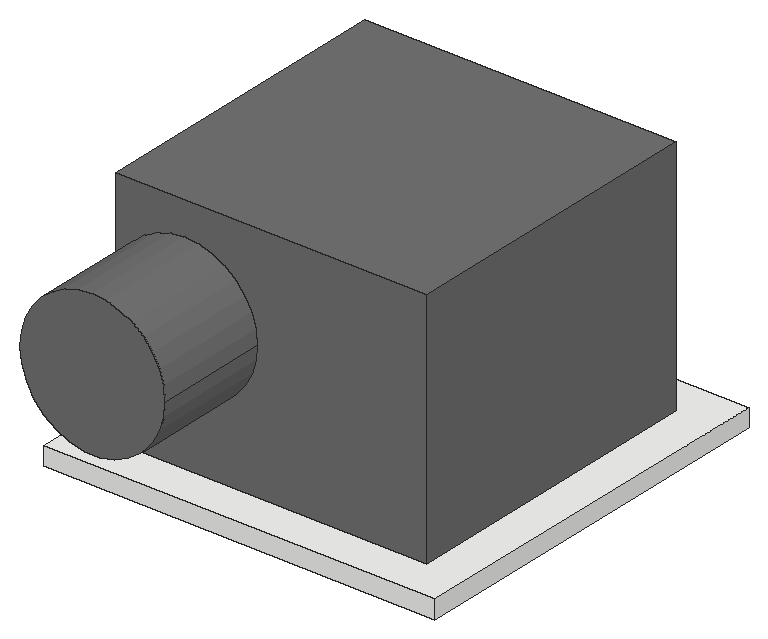
Revit family "vd-07_20z(k)(p)(s)c14(-c)_60Hz", category 機械設備, Revit 2019
Family settings
  丸型コネクタ寸法 = 直径を使用
  パーツ タイプ = 標準
  OmniClass 番号 = 23.75.35.17.27
  OmniClass タイトル = Centrifugal Fans
  作業面ベース = いいえ
  常に垂直 = はい
  ロード時にボイドで切り取り = いいえ
  共有 = いいえ
  部屋計算ポイント = はい
Parameters (values of type "VD-20ZKC14")
  騒音レベル(dB(A)) [instance] = 36.5
  風量 [instance] = 420.0 m³/h
  電源種別 [instance] = ""
  電圧 = 100 V
  電動機出力 = 0 W
  電動機_種別 [instance] = ""
  運転質量 = 0.00 kg
  連動 [instance] = ""
  質量 = if(製品質量 > 運転質量, 製品質量, 運転質量) * 1.2  # 4.32 kg
  負荷分類 = 3_ファン類
  説明 = "ダクト用換気扇 低騒音形"
  設計風量 [instance] = 0.0 m³/h
  設置方法 = "天埋"
  記号 [instance] = ""
  製造元 = "三菱電機株式会社"
  製品質量 = 3.60 kg
  製品出荷対象 = "国内"
  製品リリース年月 = "2024年6月3日"
  製品グループ = ""
  系統 [instance] = ""
  符号 [instance] = if(☑給気／□排気, "FS", "FE")  # "FE"
  積算_科目 = "2 換気設備"
  積算_拾い区分 [instance] = ""
  相 = 1
  盤記号 [instance] = ""
  発停方法 [instance] = ""
  特殊仕様 [instance] = ""
  火災停止 [instance] = ""
  消費電力 = 49 W
  法定耐用年数 = "15"
  機外静圧 [instance] = 0.0 Pa
  極数 = 2
  材質 [instance] = ""
  操作・制御方式 = ""
  操作・制御スイッチ = ""
  排気量 [instance] = if(☑給気／□排気, 0.0 m³/h, 設計風量)  # 0.0 m³/h
  形式 = "天井埋込ダクト形"
  幹線記号 [instance] = ""
  対象室 [instance] = ""
  実風量 [instance] = 0.0 m³/h
  始動方式 [instance] = "直入"
  外気量 [instance] = if(☑給気／□排気, 設計風量, 0.0 m³/h)  # 0.0 m³/h
  呼称 = "天井扇"
  周波数 = 60 Hz
  参照している仕様書等のバージョン = ""
  分類コード = "50052503100030"
  分類グループ = ""
  価格 = 52800
  企業コード = "108420"
  付属品_防振装置 = ""
  付属品 [instance] = ""
  仕様書バージョン = "Version1.0"
  モデル = "VD-20ZKC14"
  マテリアル = 合成樹脂(黒)
  ファンの種類 = ""
  ダクト径 = 150 mm
  コメント [instance] = ""
  Keynote = ""
  カバーマテリアル = 合成樹脂(白)
  ☑給気／□排気 [instance] = no
  Width = 310 mm
  W1 = 390 mm
  Version = ""
  Uniclass2015Version = "Systems v1.9"
  Uniclass2015Title = "Centrifugal fans"
  Uniclass2015Code = "Pr_65_67_29_12"
  URL = "https://www.mitsubishielectric.co.jp/ldg/wink/qr/002/333517/"
  SpecificationReference = ""
  SpecificationDescription = ""
  Revision = ""
  ProductInformation = ""
  OmniClassCode = "23-33 31 19 11 15"
  OAサイズ_D = 0 mm
  MIN風量 = 280.0 m³/h
  MIN静圧 = 0.0 Pa
  MID風量 = 0.0 m³/h
  MID静圧 = 0.0 Pa
  MAX風量 = 420.0 m³/h
  MAX静圧 = 0.0 Pa
  IfcTypeProduct = ""
  IfcProduct = ""
  IfcExportType = "PROPELLORAXIAL"
  IfcExportAs = "IfcFanType"
  Height = 240 mm
  H1 = 18 mm
  EAサイズ_D = 144 mm
  Duct_Height = 135 mm
  Duct_Depth = 115 mm
  Duct_Center = 86 mm
  Depth = 310 mm
  D1 = 390 mm
  Author = "三菱電機株式会社"
Types (13, lengths in mm): name | 騒音レベル(dB(A)) | 風量 | 質量 | 説明 | 製品質量 | 製品リリース年月 | 消費電力 | 価格 | モデル | ダクト径 | Width | W1 | URL | MIN風量 | MAX風量 | Height | H1 | EAサイズ_D | Duct_Height | Duct_Depth | Duct_Center | Depth | D1
  VD-07ZC14 | 25.5 | 50.0 m³/h | 1.32 kg | "ダクト用換気扇 低騒音形 小空間用" | 1.10 kg | "2024年6月3日" | 4.9 W | 19300 | "VD-07ZC14" | 75 | 144 | 210 | "https://www.mitsubishielectric.co.jp/ldg/wink/qr/002/333544/" | 0.0 m³/h | 50.0 m³/h | 178 | 15 | 73 | 90 | 106 | 0 | 144 | 210
  VD-08ZC14 | 25.5 | 50.0 m³/h | 1.44 kg | "ダクト用換気扇 低騒音形 小空間用" | 1.20 kg | "2024年6月3日" | 4.9 W | 19300 | "VD-08ZC14" | 100 | 144 | 210 | "https://www.mitsubishielectric.co.jp/ldg/wink/qr/002/333546/" | 0.0 m³/h | 50.0 m³/h | 178 | 15 | 98 | 102 | 106 | 0 | 144 | 210
  VD-10ZC14 | 22 | 95.0 m³/h | 1.68 kg | "ダクト用換気扇 低騒音形" | 1.40 kg | "2024年4月1日" | 9.3 W | 20700 | "VD-10ZC14" | 100 | 174 | 250 | "https://www.mitsubishielectric.co.jp/ldg/wink/qr/002/333555/" | 0.0 m³/h | 95.0 m³/h | 184 | 15 | 98 | 102 | 109 | 0 | 174 | 250
  VD-10ZC14-C | 22 | 95.0 m³/h | 1.68 kg | "ダクト用換気扇 低騒音形" | 1.40 kg | "2024年4月1日" | 9.3 W | 20700 | "VD-10ZC14-C" | 100 | 174 | 250 | "https://www.mitsubishielectric.co.jp/ldg/wink/qr/002/333557/" | 0.0 m³/h | 95.0 m³/h | 184 | 15 | 98 | 102 | 109 | 0 | 174 | 250
  VD-13ZC14 | 28.5 | 130.0 m³/h | 1.92 kg | "ダクト用換気扇 低騒音形" | 1.60 kg | "2024年4月1日" | 15.5 W | 24600 | "VD-13ZC14" | 100 | 198 | 286 | "https://www.mitsubishielectric.co.jp/ldg/wink/qr/002/333579/" | 0.0 m³/h | 130.0 m³/h | 195 | 15 | 98 | 102 | 109 | 56 | 198 | 286
  VD-13ZC14-C | 28.5 | 130.0 m³/h | 1.92 kg | "ダクト用換気扇 低騒音形" | 1.60 kg | "2024年4月1日" | 15.5 W | 24600 | "VD-13ZC14-C" | 100 | 198 | 286 | "https://www.mitsubishielectric.co.jp/ldg/wink/qr/002/333581/" | 0.0 m³/h | 130.0 m³/h | 195 | 15 | 98 | 102 | 109 | 56 | 198 | 286
  VD-13ZSC14 | 29.5 | 130.0 m³/h | 1.92 kg | "ダクト用換気扇 低騒音形" | 1.60 kg | "2024年6月3日" | 15.5 W | 27900 | "VD-13ZSC14" | 100 | 204 | 286 | "https://www.mitsubishielectric.co.jp/ldg/wink/qr/002/333594/" | 0.0 m³/h | 130.0 m³/h | 195 | 15 | 98 | 109 | 109 | 0 | 204 | 286
  VD-15ZC14 | 28.5 | 180.0 m³/h | 3.12 kg | "ダクト用換気扇 低騒音形" | 2.60 kg | "2024年6月3日" | 15.5 W | 25200 | "VD-15ZC14" | 100 | 254 | 330 | "https://www.mitsubishielectric.co.jp/ldg/wink/qr/002/333602/" | 0.0 m³/h | 180.0 m³/h | 200 | 18 | 98 | 109 | 109 | 0 | 254 | 330
  VD-15ZPC14 | 34 | 220.0 m³/h | 3.12 kg | "ダクト用換気扇 低騒音形" | 2.60 kg | "2024年6月3日" | 23 W | 27200 | "VD-15ZPC14" | 100 | 254 | 330 | "https://www.mitsubishielectric.co.jp/ldg/wink/qr/002/333626/" | 0.0 m³/h | 220.0 m³/h | 200 | 18 | 98 | 109 | 109 | 0 | 254 | 330
  VD-17ZSC14 | 33.5 | 250.0 m³/h | 3.24 kg | "ダクト用換気扇 低騒音形" | 2.70 kg | "2024年6月3日" | 23.5 W | 40800 | "VD-17ZSC14" | 150 | 254 | 330 | "https://www.mitsubishielectric.co.jp/ldg/wink/qr/002/333641/" | 0.0 m³/h | 250.0 m³/h | 202 | 18 | 142 | 125 | 110 | 0 | 254 | 330
  VD-18ZC14 | 29 | 310.0 m³/h | 4.20 kg | "ダクト用換気扇 低騒音形" | 3.50 kg | "2024年6月3日" | 29.5 W | 39800 | "VD-18ZC14" | 150 | 310 | 390 | "https://www.mitsubishielectric.co.jp/ldg/wink/qr/002/333645/" | 0.0 m³/h | 310.0 m³/h | 240 | 18 | 144 | 135 | 115 | 86 | 310 | 390
  VD-20ZC14 | 36.5 | 420.0 m³/h | 4.32 kg | "ダクト用換気扇 低騒音形" | 3.60 kg | "2024年6月3日" | 49 W | 50300 | "VD-20ZC14" | 150 | 310 | 390 | "https://www.mitsubishielectric.co.jp/ldg/wink/qr/002/333513/" | 0.0 m³/h | 420.0 m³/h | 240 | 18 | 144 | 135 | 115 | 86 | 310 | 390
  VD-20ZKC14 | 36.5 | 420.0 m³/h | 4.32 kg | "ダクト用換気扇 低騒音形" | 3.60 kg | "2024年6月3日" | 49 W | 52800 | "VD-20ZKC14" | 150 | 310 | 390 | "https://www.mitsubishielectric.co.jp/ldg/wink/qr/002/333517/" | 280.0 m³/h | 420.0 m³/h | 240 | 18 | 144 | 135 | 115 | 86 | 310 | 390
Reference planes
  plane 1 "中心(正面/背面)": y = 0
  plane 2: z = 0
  plane 3 "中心(左/右)": x = 0
  plane 4: x = -195
  plane 5: x = 195
  plane 6: y = 195
  plane 7: y = -195
  plane 8: x = -155
  plane 9: x = 155
  plane 10: y = 155
  plane 11: y = -155
  plane 12: y = -270
  plane 13: z = 240
  plane 14: z = -18
  plane 15: z = 135
  plane 16: x = -86
Forms (mm)
  Extrusion 1, solid, material "合成樹脂(黒)" <- "マテリアル", detail levels fine
    sketch origin (0, 0, 0) x (1, 0, 0) y (0, 1, 0)
      loop
        line (-155, 155) -> (-155, -155) -> (155, -155) -> (155, 155) -> (-155, 155)
    from 0 to 240
  Extrusion 2, solid, material "合成樹脂(白)" <- "カバーマテリアル", detail levels fine
    sketch origin (0, 0, 0) x (1, 0, 0) y (0, 1, 0)
      loop
        line (-195, 195) -> (-195, -195) -> (195, -195) -> (195, 195) -> (-195, 195)
    from 0 to -18
  Extrusion 3, solid, material "合成樹脂(黒)" <- "マテリアル", detail levels fine
    sketch origin (0, 0, 0) x (1, 0, 0) y (0, 0, 1)
      loop
        circle (-86, 135) r 72
    from 155 to 270
Dimensions and locks
  equal spacing: plane 4, plane 3 "中心(左/右)", plane 5
  "W1": plane 4 to plane 5
  equal spacing: plane 6, plane 1 "中心(正面/背面)", plane 7
  "D1": plane 6 to plane 7
  equal spacing: plane 8, plane 3 "中心(左/右)", plane 9
  "Width": plane 8 to plane 9
  equal spacing: plane 10, plane 1 "中心(正面/背面)", plane 11
  "Depth": plane 10 to plane 11
  "Duct_Depth": plane 11 to plane 12
  "Height": plane 13 to plane 2
  "Duct_Height": plane 15 to plane 2
  "H1": plane 2 to plane 14
  "Duct_Center": plane 3 "中心(左/右)" to plane 16
  "EAサイズ_D": diameter of Extrusion 3 sketch curve
  aligned and locked: level to plane 2
  aligned and locked: plane 5 to Extrusion 2
  aligned and locked: plane 6 to Extrusion 2
  aligned and locked: Extrusion 2 to plane 4
  aligned and locked: Extrusion 2 to plane 7
  aligned and locked: plane 9 to Extrusion 1
  aligned and locked: Extrusion 1 to plane 11
  aligned and locked: Extrusion 1 to plane 8
  aligned and locked: plane 10 to Extrusion 1
  aligned and locked: plane 13 to Extrusion 1
  aligned and locked: Extrusion 2 to plane 14
  aligned and locked: level to Extrusion 2
  aligned and locked: Extrusion 1 to level
  aligned and locked: Extrusion 3 to plane 12
  aligned and locked: plane 11 to Extrusion 3
Automatic sketch dimensions
  Extrusion 1 sketch curve to plane 3 "中心(左/右)" = 155 mm
  plane 3 "中心(左/右)" to Extrusion 1 sketch curve = 155 mm
  Extrusion 2 sketch curve to plane 3 "中心(左/右)" = 195 mm
  plane 3 "中心(左/右)" to Extrusion 2 sketch curve = 195 mm
  plane 1 "中心(正面/背面)" to Extrusion 1 sketch curve = 155 mm
  Extrusion 1 sketch curve to plane 1 "中心(正面/背面)" = 155 mm
  plane 1 "中心(正面/背面)" to Extrusion 2 sketch curve = 195 mm
  Extrusion 2 sketch curve to plane 1 "中心(正面/背面)" = 195 mm
  Extrusion 3 sketch curve to plane 15 = 0 mm
  Extrusion 3 sketch curve to plane 16 = 0 mm
Nested families
  nested 1: "記号_天井換気扇_平面" at (0, 0, 0), type "記号_天井換気扇_平面", detail levels coarse+medium
Connectors
  hvac at (-86, -270, 135), driven by "ダクト径", driven by "風量", driven by "機外静圧"
    settings: on Extrusion 3, index 1, duct flow 420.0 m³/h, flow factor 0, pres drop 0.0 Pa, loss coef 0, conn angle 0.00°, conn width 304.8 mm, conn height 304.8 mm, conn diameter 150 mm, duct sys type 3, conn prof type 0, flow config 0, flow direction 2, loss method 4, conn ref index -1, conn util no, is conn primary yes, conn desc ""
  electrical at (0, 0, 240), driven by "極数", driven by "負荷分類", driven by "電圧", driven by "消費電力"
    settings: on Extrusion 1, index 2, voltage 100 V, apparent load 49 VA, apparent load phase1 0 VA, apparent load phase2 0 VA, apparent load phase3 0 VA, power factor 1, load classification "3_ファン類", number of poles 2, system type 30, power factor state 1, is connector primary yes, connector utility no, sub classification motor no, connector description ""
Definition of nested family "記号_天井換気扇_平面"
  Reference planes
    plane 1: y = 0
    plane 2: x = 0
  Lines and regions (mm)
    detail lines
      curve 1: line (-2.5, 2.5, 0) -> (2.5, 2.5, 0)
      curve 2: line (-2.5, -2.5, 0) -> (-2.5, 2.5, 0)
      curve 3: line (2.5, -2.5, 0) -> (-2.5, -2.5, 0)
      curve 4: line (2.5, 2.5, 0) -> (2.5, -2.5, 0)
      curve 5: circle (-1.04, -1.04, 0) r 1.46 normal (0, 0, 1)
      curve 6: circle (1.04, 1.04, 0) r 1.46 normal (0, 0, 1)
      curve 7: line (-3.125, 3.125, 0) -> (3.125, 3.125, 0)
      curve 8: line (-3.125, -3.125, 0) -> (-3.125, 3.125, 0)
      curve 9: line (3.125, -3.125, 0) -> (-3.125, -3.125, 0)
      curve 10: line (3.125, 3.125, 0) -> (3.125, -3.125, 0)
      curve 11: circle (1.295, 1.295, 0) r 1.83 normal (0, 0, 1)
      curve 12: circle (-1.295, -1.295, 0) r 1.83 normal (0, 0, 1)
      curve 13: line (-2, 2, 0) -> (2, 2, 0)
      curve 14: line (-2, -2, 0) -> (-2, 2, 0)
      curve 15: line (2, -2, 0) -> (-2, -2, 0)
      curve 16: line (2, 2, 0) -> (2, -2, 0)
      curve 17: circle (0.84, 0.84, 0) r 1.16 normal (0, 0, 1)
      curve 18: circle (-0.84, -0.84, 0) r 1.2 normal (0, 0, 1)
